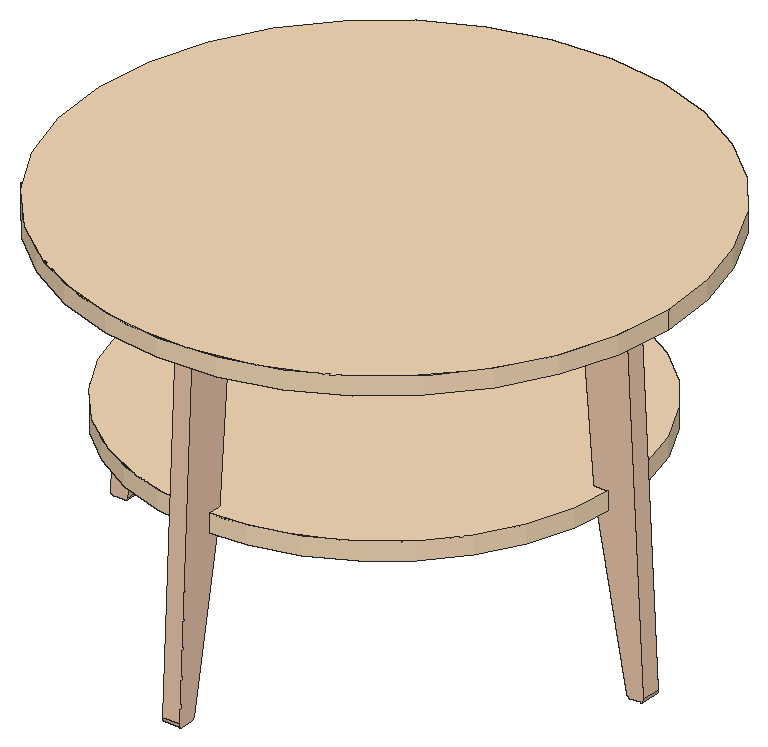
Revit family "350238_Oak Coffee table HOLLY Dia 800x500", category Furniture, Revit 2020
Family settings
  OmniClass Number = 23.40.20.00
  OmniClass Title = General Furniture and Specialties
  Work Plane-Based = No
  Always vertical = Yes
  Cut with Voids When Loaded = No
  Shared = No
  Room Calculation Point = No
Parameters
  Table Top = Table Top
  TABLE DIAMETER = 800 mm
  LOWER SHELF DIAMETER = TABLE DIAMETER - 150 mm  # 650 mm
  LEG HEIGHT = HEIGHT - 25 mm  # 475 mm
  LEG DISTANCE = (TABLE DIAMETER / 2) - 50 mm  # 350 mm
  HEIGHT = 500 mm
  Default Elevation = 0 mm
Reference planes
  plane 1 "Center (Front/Back)": y = 0
  plane 2: z = 0
  plane 3 "Center (Left/Right)": x = 0
  plane 4: z = 500
  plane 5: z = 250
Dimensions and locks
  "HEIGHT": plane 4 to level
  equal spacing: plane 4, plane 5, level
  nested 3 to plane 3 "Center (Left/Right)" = 350 mm
  "LEG DISTANCE": nested 3 to nested 1
  "LEG DISTANCE": nested 4 to nested 1
  "LEG DISTANCE": nested 1 to nested 5
  "LEG DISTANCE": nested 1 to nested 6
  aligned and locked: level to plane 2
  aligned and locked: plane 1 "Center (Front/Back)" to nested 1
  aligned and locked: plane 3 "Center (Left/Right)" to nested 1
  aligned and locked: plane 4 to nested 1
  aligned and locked: nested 2 to plane 5
  aligned and locked: nested 3 to plane 1 "Center (Front/Back)"
Nested families
  nested 1: "Round table top" at (0, 0, -30), type "Round table top"
    with Height 530 mm, DIAMETER 800 mm
  nested 2: "Round table top" at (0, 0, -280), type "Round table top 600 dia"
    with Height 530 mm, DIAMETER 650 mm
  nested 3: "Leg-5" at (-350, 0, 0) x (0, 1, 0) z (0, 0, 1), type "Leg-5"
    with HEIGHT 475 mm
  nested 4: "Leg-5" at (0, -350, 0) x (-1, 0, 0) z (0, 0, 1), type "Leg-5"
    with HEIGHT 475 mm
  nested 5: "Leg-5" at (350, 0, 0) x (0, -1, 0) z (0, 0, 1), type "Leg-5"
    with HEIGHT 475 mm
  nested 6: "Leg-5" at (0, 325.243, 0), type "Leg-5"
    with HEIGHT 475 mm
Definition of nested family "Round table top"
  Parameters (values of type "Round table top")
    Table Top = none
    Height = 600 mm
    Default Elevation = 0 mm
    DIAMETER = 900 mm
  Reference planes
    plane 1 "Center (Front/Back)": y = 0
    plane 2: z = 0
    plane 3 "Center (Left/Right)": x = 0
    plane 4: z = 600
    plane 5: z = 575
  Forms (mm)
    Extrusion 1, solid, material <- "Table Top"
      sketch origin (0, 0, 0) x (1, 0, 0) y (0, 1, 0)
        loop
          circle (0, 0) r 450
      from 575 to 600
  Dimensions and locks
    locked: plane 4 to plane 5 at 25
    "Height": plane 4 to level
    "DIAMETER": diameter of Extrusion 1 sketch curve
    aligned and locked: level to plane 2
    aligned and locked: Extrusion 1 to plane 4
    aligned and locked: plane 5 to Extrusion 1
  Automatic sketch dimensions
    plane 1 "Center (Front/Back)" to Extrusion 1 sketch curve = 0 mm
    Extrusion 1 sketch curve to plane 3 "Center (Left/Right)" = 0 mm
Definition of nested family "Leg-5"
  Parameters (values of type "Leg-5")
    LEG MATERIAL = none
    HEIGHT = 500 mm
    Default Elevation = 0 mm
  Reference planes
    plane 1 "Center (Front/Back)": y = 0
    plane 2: z = 0
    plane 3 "Center (Left/Right)": x = 0
    plane 4: z = 500
    plane 5: x = 12
    plane 6: x = -12
  Forms (mm)
    Extrusion 1, solid, material <- "LEG MATERIAL"
      sketch origin (0, 0, 0) x (0, 1, 0) y (0, 0, 1)
        loop
          line (1.048, 500) -> (-64.694, 500) -> (-44.269, 250) -> (0.512, 3.983)
          arc (0.512, 3.983) -> (2.252, 1.122) -> (5.408, 0) r 5
          line (5.408, 0) -> (20.868, 0)
          arc (20.868, 0) -> (24.809, 1.803) -> (26.021, 5.964) r 5.208
          line (26.021, 5.964) -> (1.048, 500)
      from -12 to 12
  Dimensions and locks
    "HEIGHT": plane 4 to level
    equal spacing: plane 4, Extrusion 1 sketch curve, level
    locked: Extrusion 1 sketch curve to plane 1 "Center (Front/Back)" (angle 2.89372°)
    angle Extrusion 1 sketch curve to plane 1 "Center (Front/Back)" = 4.67081°
    aligned and locked: level to plane 2
    aligned and locked: Extrusion 1 to plane 6
    aligned and locked: Extrusion 1 to plane 5
    aligned and locked: plane 4 to Extrusion 1  (x2)
  Automatic sketch dimensions
    Extrusion 1 sketch curve to plane 4 = 0 mm
    plane 1 "Center (Front/Back)" to Extrusion 1 sketch curve = 44.269 mm
    Extrusion 1 sketch curve to plane 1 "Center (Front/Back)" = 0.512 mm
    Extrusion 1 sketch curve to plane 1 "Center (Front/Back)" = 1.048 mm
    Extrusion 1 sketch curve to level = 0 mm
    Extrusion 1 sketch curve to plane 1 "Center (Front/Back)" = 5.408 mm
    level to Extrusion 1 sketch curve = 5.964 mm
    Extrusion 1 sketch curve to Extrusion 1 sketch curve = 5.152 mm
    level to Extrusion 1 sketch curve = 3.983 mm
